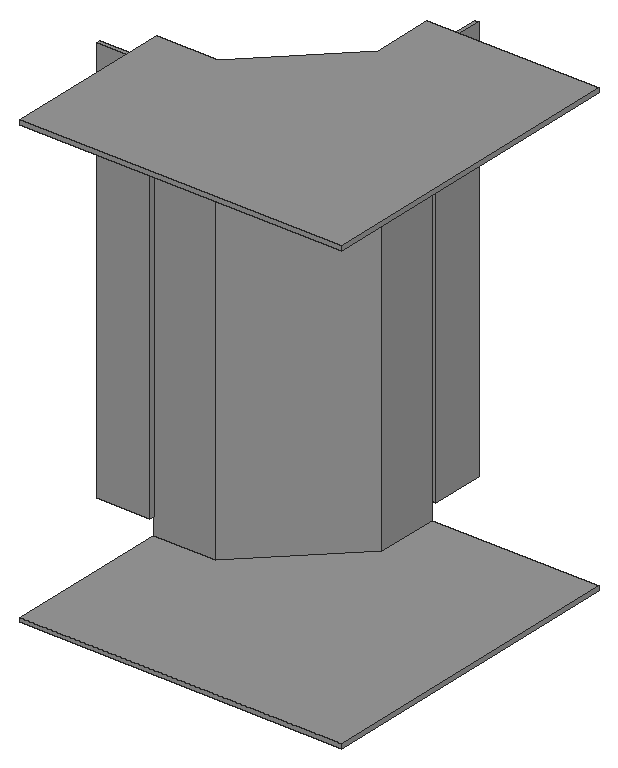
Revit family "Inneneckhaube WDK HI80210RW", category Generic Models, Revit 2017
Family settings
  Can host rebar = No
  Round Connector Dimension = Use Diameter
  Part Type = Normal
  Work Plane-Based = No
  Always vertical = Yes
  Cut with Voids When Loaded = No
  Shared = No
  Room Calculation Point = No
Parameters (values of type "WDK HI80210RW")
  Width = 210 mm
  URL = "http://www.obo-bettermann.com"
  Material = Polyvinylchlorid
  Manufacturer Art.No. = "6192110"
  Manufacturer = "OBO BETTERMANN"
  Height = 80 mm
  GTIN = "4012195042525"
  Article Type = "WDK HI80210RW"
Reference planes
  plane 1 "Center (Front/Back)": y = 0
  plane 2: z = 0
  plane 3 "Center (Left/Right)": x = 0
  plane 4: y = 150
  plane 5: x = 150
  plane 6: x = 70
  plane 7: y = 80
  plane 8: through (150, 0, 1200) normal (-0.7071, -0.7071, 0)
  plane 9: through (61.804, 130.623, 1200) normal (0.7071, 0.7071, 0)
  plane 10: through (19.377, 88.196, 1200) normal (0.7071, 0.7071, 0)
  plane 11: z = 210
  plane 12: z = 208
  plane 13: z = 105
  plane 14: y = 150
  plane 15: x = 150
  plane 16: x = 70
  plane 17: y = 80
  plane 18: through (150, 0, -1406) normal (0.7071, 0.7071, 0)
  plane 19: through (61.804, 130.623, -1406) normal (-0.7071, -0.7071, 0)
  plane 20: through (19.377, 88.196, -1406) normal (-0.7071, -0.7071, 0)
  plane 21: z = 200.019
  plane 22: z = 10
Forms (mm)
  Extrusion 1, solid, material "Polyvinylchlorid" <- "Material"
    sketch origin (0, 0, 0) x (1, 0, 0) y (0, 1, 0)
      loop
        line (70, 150) -> (70, 121.716) -> (28.284, 80) -> (0, 80) -> (0, 0) -> (150, 0) -> (150, 150) -> (70, 150)
    from 208 to 210
  Extrusion 2, solid, material "Polyvinylchlorid" <- "Material"
    sketch origin (0, 0, -206) x (0, -1, 0) y (1, 0, 0)
      loop
        line (-150, 70) -> (-121.716, 70) -> (-80, 28.284) -> (-80, 0) -> (0, 0) -> (0, 150) -> (-150, 150) -> (-150, 70)
    from 208 to 206
  Extrusion 3, solid, material "Polyvinylchlorid" <- "Material"
    sketch origin (0, 0, 0) x (1, 0, 0) y (0, 1, 0)
      loop
        line (70, 150) -> (70, 121.716) -> (28.284, 80) -> (0, 80) -> (0, 78) -> (29.113, 78) -> (72, 120.887) -> (72, 150) -> (70, 150)
    from 2 to 208
  Extrusion 4, solid, material "Polyvinylchlorid" <- "Material"
    sketch origin (0, 0, 0) x (1, 0, 0) y (0, 1, 0)
      loop
        line (72, 150) -> (73.998, 150) -> (73.998, 175) -> (72, 175) -> (72, 150)
      loop
        line (0, 78) -> (-25, 78) -> (-25, 76.01) -> (0, 76.01) -> (0, 78)
    from 10 to 200.019
Dimensions and locks
  plane 9 to plane 10 = 60 mm
  locked: Extrusion 1 sketch curve to Extrusion 1 sketch curve at 80  (x3)
  locked: Extrusion 1 sketch curve to Extrusion 1 sketch curve at 150  (x2)
  locked: Extrusion 1 sketch curve to Extrusion 1 sketch curve at 28.284  (x2)
  locked: Extrusion 1 to Extrusion 1 at 2
  locked: plane 11 to plane 13 at 105
  plane 19 to plane 20 = 60 mm
  locked: Extrusion 2 sketch curve to Extrusion 2 sketch curve at 80  (x3)
  locked: Extrusion 2 sketch curve to Extrusion 2 sketch curve at 150  (x2)
  locked: Extrusion 2 sketch curve to Extrusion 2 sketch curve at 28.284  (x2)
  locked: Extrusion 2 to Extrusion 2 at 2
  locked: Extrusion 1 to Extrusion 3 sketch curve at 2  (x3)
  locked: Extrusion 1 to Extrusion 1 at 150
  locked: Extrusion 4 sketch curve to Extrusion 4 sketch curve at 1.998
  locked: Extrusion 1 to Extrusion 4 sketch curve at 25
  locked: Extrusion 4 sketch curve to Extrusion 4 sketch curve at 1.99
  locked: Extrusion 4 sketch curve to Extrusion 1 at 25
  locked: plane 21 to plane 13 at 95.019
  locked: plane 13 to plane 22 at 95
  aligned and locked: level to plane 2
  aligned and locked: plane 6 to Extrusion 1 sketch curve
  aligned and locked: plane 11 to Extrusion 1
  aligned and locked: Extrusion 1 to plane 12
  aligned and locked: plane 16 to Extrusion 2 sketch curve
  aligned and locked: Extrusion 2 to level
  aligned and locked: Extrusion 2 to plane 3 "Center (Left/Right)"
  aligned and locked: Extrusion 3 sketch curve to Extrusion 1  (x2)
  aligned and locked: Extrusion 3 to plane 3 "Center (Left/Right)"
  aligned and locked: Extrusion 1 to Extrusion 3
  aligned and locked: Extrusion 3 to Extrusion 1
  aligned and locked: Extrusion 3 to Extrusion 2
  aligned and locked: Extrusion 4 to Extrusion 1
  aligned and locked: plane 3 "Center (Left/Right)" to Extrusion 4
  aligned and locked: Extrusion 4 to plane 21
  aligned and locked: Extrusion 4 to plane 22
